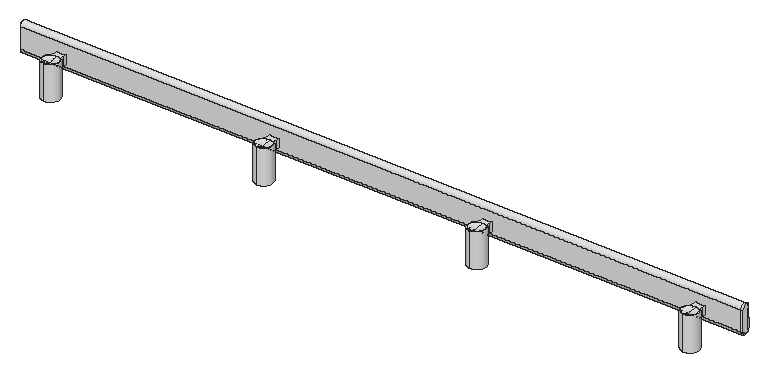
Revit family "Accessory-Shower_Bar-KOHLER-CHOREOGRAPH-K-97628", category Specialty Equipment, host Face, Revit 2021
Family settings
  Host = Face
  Round Connector Dimension = Use Diameter
  Part Type = Normal
  OmniClass Number = 23.31.25.00
  Cut with Voids When Loaded = No
  Shared = No
  Room Calculation Point = No
Parameters (values of type "SHP- Bright Polished Silver")
  Width = 3 1/2"  # constant formula
  WaterSense Certified = 1 = 0  # no
  URL = "https://www.us.kohler.com/us/"
  Type = 1
  Product Page URL = "http://www.us.kohler.com/us/catalog/productDetails.jsp?productNumber=97628"
  Product Name = "Choreograph"  # constant formula
  Product Documentation Link = "https://www.us.kohler.com/webassets/kpna/catalog/pdf/en/K-97628_spec.pdf"
  Model = if(Type = 1, "K-97628-SHP", if(Type = 2, "K-97628-ABZ", if(Type = 3, "K-97628-BNK", if(Type = 4, "K-97628-2MB", if(Type = 5, "K-97628-BL", "NA")))))  # "K-97628-SHP"
  Material = "Anodized Aluminum "  # constant formula
  Master Format 2014 Name = "Toilet, Bath, and Laundry Accessories"  # constant formula
  Master Format 2014 = "10 28 00"  # constant formula
  Manufacturer Address = "444 Highland Dr, Kohler, WI 53044"  # constant formula
  Manufacturer = "Kohler Co."  # constant formula
  Length = 54.25984"  # constant formula
  Height = 2 1/4"  # constant formula
  Finish = Kohler-Metal-SHP-Bright_Polished_Silver
  Environmental Product Declaration = ""
  Description = "54 Ich Shower Barre"  # constant formula
  Default Elevation = 42"
  Declare Label = ""
  Date Modified = "09/15/2024"  # constant formula
  Date Created = "03/04/2019"  # constant formula
  Copyright = "Copyright Kohler Co."  # constant formula
  Contact Us = "https://www.us.kohler.com/us/static/contact.jsp"
  Assembly Code = "C1030200"
  ADA Compliant = 1 = 0  # no
Types (5): name | Type | Model | Finish
  SHP- Bright Polished Silver | 1 | "K-97628-SHP" | Kohler-Metal-SHP-Bright_Polished_Silver
  ABZ- Anodized Dark Bronze | 2 | "K-97628-ABZ" | Kohler-Metal-ABZ-Anodized_Dark_Bronze
  BNK- Anodized Brushed Nickel | 3 | "K-97628-BNK" | Kohler-Metal-BNK-Anodized_Brushed_Nickel
  2MB-Vibrant Brushed Moderne Brass | 4 | "K-97628-2MB" | Kohler-Metal-2MB-Vibrant_Brushed_Moderne_Brass
  BL-Matte Black | 5 | "K-97628-BL" | Kohler-Metal-BL-Matte_Black
Reference planes (in)
  plane 1 "Center (Front/Back)": y = 0
  plane 2: z = 0
  plane 3 "Center (Left/Right)": x = 0
  plane 4: x = -27.12992
  plane 5: x = -24
  plane 6: x = -8
  plane 7: x = 8
  plane 8: x = 24
  plane 9: x = 27.12992
  plane 10: y = -1.62356
  plane 11: z = 3.5
  plane 12: z = 1.3796
  plane 13: y = -2.25
  plane 14: y = -0.625
Dimensions and locks (in)
  "Length": plane 4 to plane 9
  "Width": plane 11 to plane 2
  "Height": plane 13 to plane 1 "Center (Front/Back)"
  aligned and locked: plane 2 to host face
  aligned and locked: level to host face
  aligned and locked: nested 1 to plane 1 "Center (Front/Back)"
  aligned and locked: nested 1 to plane 3 "Center (Left/Right)"
Automatic sketch dimensions
  host sketch curve to host sketch curve = 96"  (x2)
Nested families (in)
  nested 1: "K-97628" at (0, -1.62356, 0) x (-1, 0, 0) z (0, 0, 1), type "K-97628"
Definition of nested family "K-97628"
  Parameters (values of type "K-97628")
    ll = 16"
    Material = none
    Default Elevation = 0"
  Reference planes (in)
    plane 1 "Center (Front/Back)": y = 0
    plane 2: z = 0
    plane 3 "Center (Left/Right)": x = 0
    plane 4 "gg": x = -24
    plane 5 "ii": x = 24
    plane 6: z = 3.5
    plane 7: y = 0.62644
    plane 8: y = -1.62356
    plane 9: z = 1.3796
    plane 10 "b": x = -8
    plane 11 "a": x = 8
    plane 12: y = -0.99856
    plane 13: x = -27.12992
    plane 14: x = 27.12992
  Forms (in)
    Extrusion 1, solid, material <- "Material", detail levels medium+fine
      sketch origin (0, 0, 0) x (0, 1, 0) y (0, 0, 1)
        loop
          line (-1.62356, 3.1915) -> (-1.62356, 1.6915)
          arc (-1.62356, 1.6915) -> (-1.31166, 1.3796) -> (-0.99976, 1.6915) r 0.3119
          line (-0.99976, 1.6915) -> (-0.99976, 3.1915)
          arc (-0.99976, 3.1915) -> (-1.31166, 3.5034) -> (-1.62356, 3.1915) r 0.3119
      from -27.13099 to 27.12928
    Extrusion 2, solid, material <- "Material", detail levels coarse
      sketch origin (0, 0, 0) x (1, 0, 0) y (0, 1, 0)
        loop
          circle (-24, -0.00066) r 0.62442
        loop
          circle (-8, -0.00066) r 0.62442
        loop
          circle (8, -0.00066) r 0.62442
        loop
          circle (24, -0.00066) r 0.62442
      from 0 to 2.4865
    Extrusion 3, solid, material <- "Material", detail levels coarse
      sketch origin (0, 0, 0) x (1, 0, 0) y (0, 1, 0)
        loop
          line (-27.12992, -0.99976) -> (-27.12992, -1.62356) -> (27.12992, -1.62356) -> (27.12992, -0.99976) -> (-27.12992, -0.99976)
      from 1.37922 to 3.50683
    Extrusion 4, solid, material <- "Material", detail levels coarse
      sketch origin (0, 0, 0) x (1, 0, 0) y (0, 1, 0)
        loop
          line (-24.41728, -0.25174) -> (-24.41728, -0.99856) -> (-23.58272, -0.99856) -> (-23.58272, -0.25174) -> (-24.41728, -0.25174)
        loop
          line (-8.41728, -0.25174) -> (-8.41728, -0.99856) -> (-7.58272, -0.99856) -> (-7.58272, -0.25174) -> (-8.41728, -0.25174)
        loop
          line (7.58272, -0.25174) -> (7.58272, -0.99856) -> (8.41728, -0.99856) -> (8.41728, -0.25174) -> (7.58272, -0.25174)
        loop
          line (23.58272, -0.25174) -> (23.58272, -0.99856) -> (24.41728, -0.99856) -> (24.41728, -0.25174) -> (23.58272, -0.25174)
      from 1.87311 to 2.4865
    Revolve 5, solid, material <- "Material", detail levels medium+fine
      sketch origin (-24, 0, 0) x (0, 0, 1) y (0, -1, 0)
        loop
          line (2.4865, -0.62376) -> (2.4865, -0.54604)
          arc (2.4865, -0.54604) -> (2.41536, -0.2768) -> (2.39148, 0.00066) r 1.61648
          line (2.39148, 0.00066) -> (0, 0.00066) -> (0, -0.62376) -> (2.4865, -0.62376)
        axis (2.4865, 0.00066) -> (0, 0.00066)
      angle from 0 to 360
    Extrusion 6, solid, material <- "Material", detail levels medium+fine
      sketch origin (-4.49976, 0, 0) x (1, 0, 0) y (0, 1, 0)
        loop
          line (-19.84375, -0.99856) -> (-19.15673, -0.99856) -> (-19.15673, -0.69527)
          arc (-19.15673, -0.69527) -> (-19.13064, -0.55238) -> (-19.05574, -0.42793) r 0.40435
          line (-19.05574, -0.42793) -> (-19.11311, -0.42793)
          arc (-19.11311, -0.42793) -> (-19.49836, -0.59498) -> (-19.88362, -0.42793) r 0.52779
          line (-19.88362, -0.42793) -> (-19.94473, -0.42793)
          arc (-19.94473, -0.42793) -> (-19.86984, -0.55238) -> (-19.84375, -0.69527) r 0.40435
          line (-19.84375, -0.69527) -> (-19.84375, -0.99856)
      from 1.87311 to 2.4865
    Revolve 7, solid, material <- "Material", detail levels medium+fine
      sketch origin (-8, 0, 0) x (0, 1, 0) y (0, 0, 1)
        loop
          line (0.62376, 2.4865) -> (0.54604, 2.4865)
          arc (0.54604, 2.4865) -> (0.2768, 2.41536) -> (-0.00066, 2.39148) r 1.61648
          line (-0.00066, 2.39148) -> (-0.00066, 0) -> (0.62376, 0) -> (0.62376, 2.4865)
        axis (-0.00066, 2.4865) -> (-0.00066, 0)
      angle from 0 to 360
    Extrusion 8, solid, material <- "Material", detail levels medium+fine
      sketch origin (10.50024, 0, 0) x (1, 0, 0) y (0, 1, 0)
        loop
          line (-18.84375, -0.99856) -> (-18.15673, -0.99856) -> (-18.15673, -0.69527)
          arc (-18.15673, -0.69527) -> (-18.13064, -0.55238) -> (-18.05574, -0.42793) r 0.40435
          line (-18.05574, -0.42793) -> (-18.11311, -0.42793)
          arc (-18.11311, -0.42793) -> (-18.49836, -0.59498) -> (-18.88362, -0.42793) r 0.52779
          line (-18.88362, -0.42793) -> (-18.94473, -0.42793)
          arc (-18.94473, -0.42793) -> (-18.86984, -0.55238) -> (-18.84375, -0.69527) r 0.40435
          line (-18.84375, -0.69527) -> (-18.84375, -0.99856)
      from 1.87311 to 2.4865
    Revolve 9, solid, material <- "Material", detail levels medium+fine
      sketch origin (8, 0, 0) x (0, 1, 0) y (0, 0, 1)
        loop
          line (0.62376, 2.4865) -> (0.54604, 2.4865)
          arc (0.54604, 2.4865) -> (0.2768, 2.41536) -> (-0.00066, 2.39148) r 1.61648
          line (-0.00066, 2.39148) -> (-0.00066, 0) -> (0.62376, 0) -> (0.62376, 2.4865)
        axis (-0.00066, 2.4865) -> (-0.00066, 0)
      angle from 0 to 360
    Extrusion 10, solid, material <- "Material", detail levels medium+fine
      sketch origin (25.50024, 0, 0) x (1, 0, 0) y (0, 1, 0)
        loop
          line (-17.84375, -0.99856) -> (-17.15673, -0.99856) -> (-17.15673, -0.69527)
          arc (-17.15673, -0.69527) -> (-17.13064, -0.55238) -> (-17.05574, -0.42793) r 0.40435
          line (-17.05574, -0.42793) -> (-17.11311, -0.42793)
          arc (-17.11311, -0.42793) -> (-17.49836, -0.59498) -> (-17.88362, -0.42793) r 0.52779
          line (-17.88362, -0.42793) -> (-17.94473, -0.42793)
          arc (-17.94473, -0.42793) -> (-17.86984, -0.55238) -> (-17.84375, -0.69527) r 0.40435
          line (-17.84375, -0.69527) -> (-17.84375, -0.99856)
      from 1.87311 to 2.4865
    Revolve 11, solid, material <- "Material", detail levels medium+fine
      sketch origin (24, 0, 0) x (0, 0, 1) y (0, -1, 0)
        loop
          line (2.4865, -0.62376) -> (2.4865, -0.54604)
          arc (2.4865, -0.54604) -> (2.41536, -0.2768) -> (2.39148, 0.00066) r 1.61648
          line (2.39148, 0.00066) -> (0, 0.00066) -> (0, -0.62376) -> (2.4865, -0.62376)
        axis (2.4865, 0.00066) -> (0, 0.00066)
      angle from 0 to 360
    Extrusion 12, solid, material <- "Material", detail levels medium+fine
      sketch origin (40.50024, 0, 0) x (1, 0, 0) y (0, 1, 0)
        loop
          line (-16.84375, -0.99856) -> (-16.15673, -0.99856) -> (-16.15673, -0.69527)
          arc (-16.15673, -0.69527) -> (-16.13064, -0.55238) -> (-16.05574, -0.42793) r 0.40435
          line (-16.05574, -0.42793) -> (-16.11311, -0.42793)
          arc (-16.11311, -0.42793) -> (-16.49836, -0.59498) -> (-16.88362, -0.42793) r 0.52779
          line (-16.88362, -0.42793) -> (-16.94473, -0.42793)
          arc (-16.94473, -0.42793) -> (-16.86984, -0.55238) -> (-16.84375, -0.69527) r 0.40435
          line (-16.84375, -0.69527) -> (-16.84375, -0.99856)
      from 1.87311 to 2.4865
    Sweep 13, void
      path origin (0, 0, 0) x (0, 1, 0) y (0, 0, 1)
        loop
          arc (-1.62356, 1.6915) -> (-1.31166, 1.3796) -> (-0.99976, 1.6915) r 0.3119
          line (-0.99976, 1.6915) -> (-0.99976, 3.1915)
          arc (-0.99976, 3.1915) -> (-1.31166, 3.5034) -> (-1.62356, 3.1915) r 0.3119
          line (-1.62356, 3.1915) -> (-1.62356, 1.6915)
      profile origin (0, -1.62356, 2.4415) x (0, -1, 0) y (1, 0, 0)
        loop
          arc (0, -27.04795) -> (-0.02432, -27.10667) -> (-0.08304, -27.13099) r 0.08304
          line (-0.08304, -27.13099) -> (0, -27.13099) -> (0, -27.04795)
        loop
          line (0, 27.04623) -> (0, 27.12928) -> (-0.08304, 27.12928)
          arc (-0.08304, 27.12928) -> (-0.02432, 27.10495) -> (0, 27.04623) r 0.08304
  Cuts and joins
    joined: Extrusion 2, Extrusion 3, Extrusion 4
    Sweep 13 cuts Extrusion 1
    joined: Extrusion 1, Revolve 5, Extrusion 6, Revolve 7, Extrusion 8, Revolve 9, Extrusion 10, Revolve 11, Extrusion 12
  Lines and regions (in)
    Masking region 1
      outline origin (0, 0, 0) x (1, 0, 0) y (0, 1, 0)
        loop
          line (-24.34351, -0.69527) -> (-24.34351, -0.99856) -> (-27.09055, -0.99856)
          arc (-27.09055, -0.99856) -> (-27.11839, -1.0101) -> (-27.12992, -1.03793) r 0.03937
          line (-27.12992, -1.03793) -> (-27.12992, -1.58419)
          arc (-27.12992, -1.58419) -> (-27.11839, -1.61203) -> (-27.09055, -1.62356) r 0.03937
          line (-27.09055, -1.62356) -> (27.09055, -1.62356)
          arc (27.09055, -1.62356) -> (27.11839, -1.61203) -> (27.12992, -1.58419) r 0.03937
          line (27.12992, -1.58419) -> (27.12992, -1.03793)
          arc (27.12992, -1.03793) -> (27.11839, -1.0101) -> (27.09055, -0.99856) r 0.03937
          line (27.09055, -0.99856) -> (24.34351, -0.99856) -> (24.34351, -0.69527)
          arc (24.34351, -0.69527) -> (24.37385, -0.5473) -> (24.45996, -0.42321) r 0.37602
          arc (24.45996, -0.42321) -> (23.98822, 0.62641) -> (23.55704, -0.44051) r 0.62555
          arc (23.55704, -0.44051) -> (23.63074, -0.55853) -> (23.65649, -0.69527) r 0.37602
          line (23.65649, -0.69527) -> (23.65649, -0.99856) -> (8.34351, -0.99856) -> (8.34351, -0.69527)
          arc (8.34351, -0.69527) -> (8.37385, -0.5473) -> (8.45996, -0.42321) r 0.37602
          arc (8.45996, -0.42321) -> (7.98822, 0.62641) -> (7.55704, -0.44051) r 0.62555
          arc (7.55704, -0.44051) -> (7.63074, -0.55853) -> (7.65649, -0.69527) r 0.37602
          line (7.65649, -0.69527) -> (7.65649, -0.99856) -> (-7.65649, -0.99856) -> (-7.65649, -0.69527)
          arc (-7.65649, -0.69527) -> (-7.62615, -0.5473) -> (-7.54004, -0.42321) r 0.37602
          arc (-7.54004, -0.42321) -> (-8.01178, 0.62641) -> (-8.44296, -0.44051) r 0.62555
          arc (-8.44296, -0.44051) -> (-8.36926, -0.55853) -> (-8.34351, -0.69527) r 0.37602
          line (-8.34351, -0.69527) -> (-8.34351, -0.99856) -> (-23.65649, -0.99856) -> (-23.65649, -0.69527)
          arc (-23.65649, -0.69527) -> (-23.62615, -0.5473) -> (-23.54004, -0.42321) r 0.37602
          arc (-23.54004, -0.42321) -> (-24.01178, 0.62641) -> (-24.44296, -0.44051) r 0.62555
          arc (-24.44296, -0.44051) -> (-24.36926, -0.55853) -> (-24.34351, -0.69527) r 0.37602
    Masking region 2
      outline origin (0, 0, 0) x (1, 0, 0) y (0, 0, 1)
        loop
          line (-27.12992, 3.46063) -> (-27.12992, 1.41897)
          arc (-27.12992, 1.41897) -> (-27.11839, 1.39113) -> (-27.09055, 1.3796) r 0.03937
          line (-27.09055, 1.3796) -> (-24.62442, 1.3796) -> (-24.62442, 0) -> (-23.37558, 0) -> (-23.37558, 1.3796) -> (-8.62442, 1.3796) -> (-8.62442, 0) -> (-7.37558, 0) -> (-7.37558, 1.3796) -> (7.37558, 1.3796) -> (7.37558, 0) -> (8.62442, 0) -> (8.62442, 1.3796) -> (23.37558, 1.3796) -> (23.37558, 0) -> (24.62442, 0) -> (24.62442, 1.3796) -> (27.09055, 1.3796)
          arc (27.09055, 1.3796) -> (27.11839, 1.39113) -> (27.12992, 1.41897) r 0.03937
          line (27.12992, 1.41897) -> (27.12992, 3.46063)
          arc (27.12992, 3.46063) -> (27.11839, 3.48847) -> (27.09055, 3.5) r 0.03937
          line (27.09055, 3.5) -> (-27.09055, 3.5)
          arc (-27.09055, 3.5) -> (-27.11839, 3.48847) -> (-27.12992, 3.46063) r 0.03937
    Masking region 3
      outline origin (0, 0, 0) x (0, 1, 0) y (0, 0, 1)
        loop
          line (-1.62356, 3.1881) -> (-1.62356, 1.6915)
          arc (-1.62356, 1.6915) -> (-1.31106, 1.379) -> (-0.99856, 1.6915) r 0.3125
          line (-0.99856, 1.6915) -> (-0.99856, 1.87311) -> (-0.62508, 1.87311) -> (-0.62508, 0) -> (0.62644, 0) -> (0.62644, 2.4865) -> (-0.99856, 2.4865) -> (-0.99856, 3.1881)
          arc (-0.99856, 3.1881) -> (-1.31106, 3.5006) -> (-1.62356, 3.1881) r 0.3125
    symbolic lines, detail levels medium+fine
      curve 1: arc (-23.56286, -0.44818, 0) -> (-24, -0.62265, 0) -> (-24.43714, -0.44818, 0) r 0.63487
      curve 2: line (0, -0.62145, 1.87311) -> (0, -0.44699, 1.87311)
      curve 3: line (0, -0.44699, 1.87311) -> (0, -0.44699, 2.4865)
      curve 4: line (0, -0.99976, 2.4865) -> (0, -0.99976, 1.87311)
      curve 5: circle (-23.99976, -0.00186, 0) r 0.54669 normal (0, 0, 1)
      curve 6: line (-24.34351, -0.99856, 0) -> (-23.65649, -0.99976, 0)
      curve 7: arc (-7.56286, -0.44818, 0) -> (-8, -0.62265, 0) -> (-8.43714, -0.44818, 0) r 0.63487
      curve 8: circle (-7.99976, -0.00186, 0) r 0.54669 normal (0, 0, 1)
      curve 9: line (-8.34351, -0.99976, 0) -> (-7.65649, -0.99856, 0)
      curve 10: arc (8.43714, -0.44818, 0) -> (8, -0.62265, 0) -> (7.56286, -0.44818, 0) r 0.63487
      curve 11: circle (8.00024, -0.00186, 0) r 0.54669 normal (0, 0, 1)
      curve 12: line (7.65649, -0.99856, 0) -> (8.34351, -0.99976, 0)
      curve 13: arc (24.43714, -0.44818, 0) -> (24, -0.62265, 0) -> (23.56286, -0.44818, 0) r 0.63487
      curve 14: circle (24.00024, -0.00186, 0) r 0.54669 normal (0, 0, 1)
      curve 15: line (23.65649, -0.99856, 0) -> (24.34351, -0.99856, 0)
      curve 16: line (-24.62442, 0, 1.3796) -> (-23.37558, 0, 1.3796)
      curve 17: line (-8.62442, 0, 1.3796) -> (-7.37558, 0, 1.37922)
      curve 18: line (7.37558, 0, 1.37922) -> (8.62442, 0, 1.37922)
      curve 19: line (23.37558, 0, 1.37922) -> (24.62442, 0, 1.37922)
      curve 20: arc (0, -1.05882, 3.18755) -> (0, -1.31166, 3.4404) -> (0, -1.56451, 3.18755) r 0.25285
      curve 21: line (0, -1.05882, 1.6915) -> (0, -1.05882, 3.18755)
      curve 22: arc (0, -1.56451, 1.6915) -> (0, -1.31166, 1.43865) -> (0, -1.05882, 1.6915) r 0.25285
      curve 23: line (0, -1.56451, 3.18755) -> (0, -1.56451, 1.6915)
      curve 24: line (27.12992, -1.03793, 0) -> (-27.12992, -1.03793, 0)
      curve 25: line (-27.12992, -1.58419, 0) -> (27.12992, -1.58419, 0)
      curve 26: line (-27.12992, 0, 3.46063) -> (27.12992, 0, 3.46063)
      curve 27: line (27.12992, 0, 1.41859) -> (-27.12992, 0, 1.41897)
      curve 28: line (-27, 0, 3.5) -> (-27, 0, 1.3796)
      curve 29: line (27, 0, 3.5) -> (27, 0, 1.37922)
      curve 30: line (-27, -0.99856, 0) -> (-27, -1.62356, 0)
      curve 31: line (27, -0.99856, 0) -> (27, -1.62356, 0)
  Dimensions and locks (in)
    plane 3 "Center (Left/Right)" to plane 4 "gg" = 24"
    plane 6 to plane 2 = 3 1/2"
    plane 8 to plane 7 = 2 1/4"
    plane 6 to level = 3 1/2"
    equal spacing: plane 10 "b", plane 3 "Center (Left/Right)", plane 11 "a"
    plane 11 "a" to plane 5 "ii" = 16"
    aligned and locked: plane 2 to level
    aligned and locked: plane 12 to Masking region 1 sketch curve  (x4)
    aligned and locked: Masking region 1 sketch curve to plane 12
    aligned and locked: plane 13 to Masking region 1 sketch curve
    aligned and locked: Masking region 1 sketch curve to plane 14
  Automatic sketch dimensions
    Extrusion 1 sketch curve to plane 8 = 0"
    Extrusion 1 sketch curve to plane 8 = 0.3119"
    Extrusion 1 sketch curve to plane 9 = 0.3119"
    plane 6 to Extrusion 1 sketch curve = 0.3085"
    Masking region 3 sketch curve to plane 8 = 0"
    Masking region 3 sketch curve to level = 0"
    Masking region 3 sketch curve to plane 7 = 0"
    Masking region 3 sketch curve to plane 8 = 5/16"  (x2)
    Masking region 3 sketch curve to plane 12 = 0.37349"
    Masking region 3 sketch curve to plane 9 = 0.3119"
    Masking region 3 sketch curve to Masking region 3 sketch curve = 0.18161"
    plane 6 to Masking region 3 sketch curve = 0.3119"
    Extrusion 2 sketch curve to plane 4 "gg" = 0"
    Extrusion 2 sketch curve to plane 10 "b" = 0"
    Extrusion 2 sketch curve to plane 11 "a" = 0"
    Extrusion 2 sketch curve to plane 5 "ii" = 0"
    plane 1 "Center (Front/Back)" to Extrusion 2 sketch curve = 0.00066"  (x4)
    Extrusion 3 sketch curve to plane 8 = 0"
    Extrusion 3 sketch curve to plane 13 = 0"
    Extrusion 3 sketch curve to plane 14 = 0"
    plane 12 to Extrusion 3 sketch curve = 0.0012"
    plane 12 to Extrusion 4 sketch curve = 0"  (x4)
    Extrusion 4 sketch curve to plane 4 "gg" = 0.41728"
    plane 4 "gg" to Extrusion 4 sketch curve = 0.41728"
    Extrusion 4 sketch curve to plane 10 "b" = 0.41728"
    plane 10 "b" to Extrusion 4 sketch curve = 0.41728"
    plane 11 "a" to Extrusion 4 sketch curve = 0.41728"
    Extrusion 4 sketch curve to plane 11 "a" = 0.41728"
    plane 5 "ii" to Extrusion 4 sketch curve = 0.41728"
    Extrusion 4 sketch curve to plane 5 "ii" = 0.41728"
    plane 1 "Center (Front/Back)" to Extrusion 4 sketch curve = 0.25174"  (x4)
    plane 12 to Extrusion 6 sketch curve = 0"
    Extrusion 6 sketch curve to plane 12 = 0.3033"  (x2)
    Extrusion 6 sketch curve to plane 4 "gg" = 0.74786"
    Extrusion 6 sketch curve to Extrusion 6 sketch curve = 0.30337"
    Extrusion 6 sketch curve to Extrusion 6 sketch curve = 0.06112"
    Extrusion 6 sketch curve to plane 4 "gg" = 0.34351"
    plane 4 "gg" to Extrusion 6 sketch curve = 0.00188"
    plane 4 "gg" to Extrusion 6 sketch curve = 0.34351"
    Extrusion 6 sketch curve to Extrusion 6 sketch curve = 0.04362"
    Extrusion 6 sketch curve to Extrusion 6 sketch curve = 0.05736"
    plane 1 "Center (Front/Back)" to Extrusion 6 sketch curve = 0.06719"
    plane 12 to Extrusion 8 sketch curve = 0"
    Extrusion 8 sketch curve to plane 12 = 0.3033"  (x2)
    Extrusion 8 sketch curve to plane 10 "b" = 0.74786"
    Extrusion 8 sketch curve to Extrusion 8 sketch curve = 0.30337"
    Extrusion 8 sketch curve to Extrusion 8 sketch curve = 0.06112"
    Extrusion 8 sketch curve to plane 10 "b" = 0.34351"
    plane 10 "b" to Extrusion 8 sketch curve = 0.00188"
    plane 10 "b" to Extrusion 8 sketch curve = 0.34351"
    Extrusion 8 sketch curve to Extrusion 8 sketch curve = 0.04362"
    Extrusion 8 sketch curve to Extrusion 8 sketch curve = 0.05736"
    plane 1 "Center (Front/Back)" to Extrusion 8 sketch curve = 0.06719"
    plane 12 to Extrusion 10 sketch curve = 0"
    Extrusion 10 sketch curve to plane 12 = 0.3033"  (x2)
    plane 11 "a" to Extrusion 10 sketch curve = 0.74786"
    Extrusion 10 sketch curve to Extrusion 10 sketch curve = 0.30337"
    Extrusion 10 sketch curve to Extrusion 10 sketch curve = 0.06112"
    plane 11 "a" to Extrusion 10 sketch curve = 0.34351"
    Extrusion 10 sketch curve to plane 11 "a" = 0.00188"
    Extrusion 10 sketch curve to plane 11 "a" = 0.34351"
    Extrusion 10 sketch curve to Extrusion 10 sketch curve = 0.04362"
    Extrusion 10 sketch curve to Extrusion 10 sketch curve = 0.05736"
    plane 1 "Center (Front/Back)" to Extrusion 10 sketch curve = 0.06719"
    plane 12 to Extrusion 12 sketch curve = 0"
    Extrusion 12 sketch curve to plane 12 = 0.3033"  (x2)
    plane 5 "ii" to Extrusion 12 sketch curve = 0.74786"
    Extrusion 12 sketch curve to Extrusion 12 sketch curve = 0.30337"
    Extrusion 12 sketch curve to Extrusion 12 sketch curve = 0.06112"
    plane 5 "ii" to Extrusion 12 sketch curve = 0.34351"
    Extrusion 12 sketch curve to plane 5 "ii" = 0.00188"
    Extrusion 12 sketch curve to plane 5 "ii" = 0.34351"
    Extrusion 12 sketch curve to Extrusion 12 sketch curve = 0.04362"
    Extrusion 12 sketch curve to Extrusion 12 sketch curve = 0.05736"
    plane 1 "Center (Front/Back)" to Extrusion 12 sketch curve = 0.06719"
    Masking region 1 sketch curve to plane 8 = 0"
    Masking region 1 sketch curve to plane 8 = 0.03937"  (x2)
    plane 13 to Masking region 1 sketch curve = 0.03937"
    Masking region 1 sketch curve to plane 12 = 0.3033"  (x7)
    Masking region 1 sketch curve to plane 4 "gg" = 0.71953"
    Masking region 1 sketch curve to plane 4 "gg" = 0.34351"
    plane 4 "gg" to Masking region 1 sketch curve = 0.00021"
    plane 4 "gg" to Masking region 1 sketch curve = 0.34351"
    Masking region 1 sketch curve to Masking region 1 sketch curve = 0.37602"  (x4)
    Masking region 1 sketch curve to plane 10 "b" = 0.71953"
    Masking region 1 sketch curve to plane 10 "b" = 0.34351"
    plane 10 "b" to Masking region 1 sketch curve = 0.00021"
    plane 10 "b" to Masking region 1 sketch curve = 0.34351"
    plane 11 "a" to Masking region 1 sketch curve = 0.71953"
    plane 11 "a" to Masking region 1 sketch curve = 0.34351"
    Masking region 1 sketch curve to plane 11 "a" = 0.00021"
    Masking region 1 sketch curve to plane 11 "a" = 0.34351"
    plane 5 "ii" to Masking region 1 sketch curve = 0.71953"
    plane 5 "ii" to Masking region 1 sketch curve = 0.34351"
    Masking region 1 sketch curve to plane 5 "ii" = 0.00021"
    Masking region 1 sketch curve to plane 5 "ii" = 0.34351"
    Masking region 1 sketch curve to plane 14 = 0.03937"
    Masking region 1 sketch curve to Masking region 1 sketch curve = 0.3033"
    Masking region 1 sketch curve to plane 1 "Center (Front/Back)" = 0.00098"  (x4)
    Masking region 1 sketch curve to Masking region 1 sketch curve = 0.09945"  (x4)
    Revolve 5 sketch curve to level = 0"
    Revolve 5 sketch curve to plane 1 "Center (Front/Back)" = 0"
    plane 1 "Center (Front/Back)" to Revolve 5 sketch curve = 0.00066"  (x2)
    Revolve 5 sketch curve to plane 9 = 1.01189"
    Revolve 5 sketch curve to plane 7 = 0.0804"
    Revolve 5 sketch curve to Revolve 5 sketch curve = 0.09502"
    Revolve 5 sketch curve to plane 7 = 0.00268"
    Revolve 5 sketch curve to Revolve 5 sketch curve = 0.40483"
    level to Revolve 5 sketch curve = 1/2"
    Revolve 11 sketch curve to level = 0"
    Revolve 11 sketch curve to plane 1 "Center (Front/Back)" = 0"
    Revolve 11 sketch curve to plane 1 "Center (Front/Back)" = 0.00066"  (x2)
    plane 9 to Revolve 11 sketch curve = 1.01189"
    plane 7 to Revolve 11 sketch curve = 0.0804"
    Revolve 11 sketch curve to Revolve 11 sketch curve = 0.09502"
    plane 7 to Revolve 11 sketch curve = 0.00268"
    Revolve 11 sketch curve to Revolve 11 sketch curve = 0.40483"
    Revolve 11 sketch curve to level = 1/2"
    Revolve 9 sketch curve to level = 0"
    Revolve 9 sketch curve to plane 1 "Center (Front/Back)" = 0"
    Revolve 9 sketch curve to plane 1 "Center (Front/Back)" = 0.00066"  (x2)
    plane 7 to Revolve 9 sketch curve = 0.0804"
    plane 7 to Revolve 9 sketch curve = 0.00268"
    plane 9 to Revolve 9 sketch curve = 1.01189"
    Revolve 9 sketch curve to Revolve 9 sketch curve = 0.09502"
    level to Revolve 9 sketch curve = 0.40483"
    Revolve 9 sketch curve to Revolve 9 sketch curve = 1/2"
    Revolve 7 sketch curve to level = 0"
    Revolve 7 sketch curve to plane 1 "Center (Front/Back)" = 0"
    plane 1 "Center (Front/Back)" to Revolve 7 sketch curve = 0.00066"  (x2)
    Revolve 7 sketch curve to plane 7 = 0.0804"
    Revolve 7 sketch curve to plane 7 = 0.00268"
    Revolve 7 sketch curve to plane 9 = 1.01189"
    Revolve 7 sketch curve to Revolve 7 sketch curve = 0.09502"
    Revolve 7 sketch curve to level = 0.40483"
    Revolve 7 sketch curve to Revolve 7 sketch curve = 1/2"
    plane 6 to Masking region 3 sketch curve = 1.0135"
    curve 23 to plane 8 = 0.05906"
    curve 22 to curve 22 = 0.25285"
    plane 1 "Center (Front/Back)" to curve 2 = 0.44699"
    curve 21 to plane 9 = 0.3119"
    curve 3 to plane 9 = 0.49351"
    plane 6 to curve 20 = 0.31245"
    plane 12 to curve 4 = 0.0012"
    curve 2 to curve 2 = 0.17447"
    curve 22 to curve 4 = 0.18161"
    curve 4 to curve 4 = 0.61339"
    curve 4 to curve 3 = 0"
    Masking region 2 sketch curve to plane 13 = 0"
    Masking region 2 sketch curve to plane 6 = 0"
    Masking region 2 sketch curve to plane 9 = 0"  (x2)
    Masking region 2 sketch curve to level = 0"  (x4)
    Masking region 2 sketch curve to plane 14 = 0"
    Masking region 2 sketch curve to Masking region 2 sketch curve = 0.03937"
    plane 13 to Masking region 2 sketch curve = 0.03937"
    Masking region 2 sketch curve to plane 4 "gg" = 0.62442"
    plane 4 "gg" to Masking region 2 sketch curve = 0.62442"
    Masking region 2 sketch curve to plane 10 "b" = 0.62442"
    plane 10 "b" to Masking region 2 sketch curve = 0.62442"
    plane 9 to Masking region 2 sketch curve = 0"  (x3)
    plane 11 "a" to Masking region 2 sketch curve = 0.62442"
    Masking region 2 sketch curve to plane 11 "a" = 0.62442"
    plane 5 "ii" to Masking region 2 sketch curve = 0.62442"
    Masking region 2 sketch curve to plane 5 "ii" = 0.62442"
    Masking region 2 sketch curve to plane 9 = 0.03937"
    Masking region 2 sketch curve to plane 14 = 0.03937"
    curve 27 to plane 13 = 0"
    curve 26 to plane 13 = 0"
    curve 28 to plane 6 = 0"
    curve 28 to plane 9 = 0"
    curve 16 to plane 9 = 0"
    curve 17 to plane 9 = 0"
    curve 27 to plane 14 = 0"
    curve 26 to plane 14 = 0"
    plane 13 to curve 28 = 0.12992"
    curve 16 to plane 4 "gg" = 0.62442"
    plane 4 "gg" to curve 16 = 0.62442"
    curve 17 to plane 10 "b" = 0.62442"
    plane 9 to curve 17 = 0.00038"
    plane 10 "b" to curve 17 = 0.62442"
    plane 9 to curve 18 = 0.00038"
    plane 11 "a" to curve 18 = 0.62442"
    curve 18 to plane 11 "a" = 0.62442"
    plane 9 to curve 19 = 0.00038"
    plane 5 "ii" to curve 19 = 0.62442"
    curve 19 to plane 5 "ii" = 0.62442"
    curve 29 to plane 6 = 0"
    curve 29 to plane 14 = 0.12992"
    plane 9 to curve 29 = 0.00038"
    curve 27 to plane 9 = 0.03899"
    curve 27 to plane 9 = 0.03937"
    plane 6 to curve 26 = 0.03937"
    curve 25 to plane 13 = 0"
    curve 24 to plane 13 = 0"
    plane 12 to curve 30 = 0"
    curve 30 to plane 8 = 0"
    plane 12 to curve 6 = 0"
    curve 1 to plane 4 "gg" = 0"
    curve 7 to plane 10 "b" = 0"
    plane 12 to curve 9 = 0"
    plane 12 to curve 12 = 0"
    curve 10 to plane 11 "a" = 0"
    plane 12 to curve 15 = 0"
    curve 13 to plane 5 "ii" = 0"
    plane 12 to curve 31 = 0"
    plane 8 to curve 31 = 0"
    curve 25 to plane 14 = 0"
    curve 24 to plane 14 = 0"
    plane 4 "gg" to curve 5 = 0.00024"
    plane 10 "b" to curve 8 = 0.00024"
    curve 11 to plane 11 "a" = 0.00024"
    curve 14 to plane 5 "ii" = 0.00024"
    plane 1 "Center (Front/Back)" to curve 14 = 0.00186"
    plane 1 "Center (Front/Back)" to curve 8 = 0.00186"
    plane 1 "Center (Front/Back)" to curve 11 = 0.00186"
    plane 1 "Center (Front/Back)" to curve 5 = 0.00186"
    curve 10 to plane 1 "Center (Front/Back)" = 0.01222"
    curve 13 to plane 1 "Center (Front/Back)" = 0.01222"
    curve 1 to plane 1 "Center (Front/Back)" = 0.01222"
    curve 7 to plane 1 "Center (Front/Back)" = 0.01222"
    plane 13 to curve 30 = 0.12992"
    curve 1 to plane 4 "gg" = 0.43714"
    curve 6 to plane 4 "gg" = 0.34351"
    plane 12 to curve 6 = 0.0012"
    plane 4 "gg" to curve 6 = 0.34351"
    plane 4 "gg" to curve 1 = 0.43714"
    curve 7 to plane 10 "b" = 0.43714"
    plane 12 to curve 9 = 0.0012"
    curve 9 to plane 10 "b" = 0.34351"
    plane 10 "b" to curve 9 = 0.34351"
    plane 10 "b" to curve 7 = 0.43714"
    plane 11 "a" to curve 10 = 0.43714"
    plane 11 "a" to curve 12 = 0.34351"
    plane 12 to curve 12 = 0.0012"
    curve 12 to plane 11 "a" = 0.34351"
    curve 10 to plane 11 "a" = 0.43714"
    plane 5 "ii" to curve 13 = 0.43714"
    plane 5 "ii" to curve 15 = 0.34351"
    curve 15 to plane 5 "ii" = 0.34351"
    curve 13 to plane 5 "ii" = 0.43714"
    curve 31 to plane 14 = 0.12992"
    curve 25 to plane 8 = 0.03937"
    plane 12 to curve 24 = 0.03937"
    plane 1 "Center (Front/Back)" to curve 7 = 0.44818"
    plane 1 "Center (Front/Back)" to curve 10 = 0.44818"
    plane 1 "Center (Front/Back)" to curve 1 = 0.44818"
    plane 1 "Center (Front/Back)" to curve 13 = 0.44818"
    Sweep 13 sketch curve to plane 8 = 0"
    Sweep 13 sketch curve to plane 8 = 0.3119"
    Sweep 13 sketch curve to plane 9 = 0.3119"
    plane 6 to Sweep 13 sketch curve = 0.3085"
    Sweep 13 sketch curve to profile plane = 0"  (x2)
    profile plane to Sweep 13 sketch curve = 0.08304"  (x2)
    Sweep 13 sketch curve to plane 3 "Center (Left/Right)" = 27.13099"
    plane 3 "Center (Left/Right)" to Sweep 13 sketch curve = 27.04623"
    radius of Extrusion 2 sketch curve = 0.62442"  (x4)
    radius of curve 5 = 0.54669"
    radius of curve 8 = 0.54669"
    radius of curve 11 = 0.54669"
    radius of curve 14 = 0.54669"
